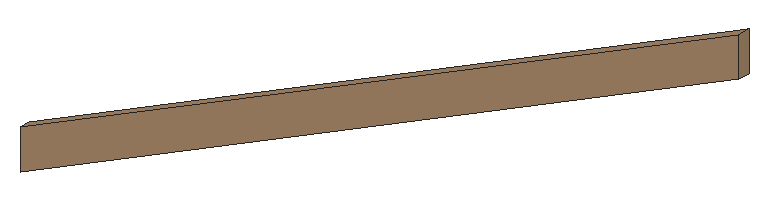
Revit family "EFRafter", category Structural Framing, Revit 2020
Family settings
  Section Shape = Not Defined
  Material for Model Behavior = Other
  Always export as geometry = No
  OmniClass Number = 23.25.30.21.14
  OmniClass Title = Trussed Beams and Joists
  Work Plane-Based = No
  Always vertical = Yes
  Cut with Voids When Loaded = No
  Symbolic Representation = From Family
  Shared = No
  Show family pre-cut in plan views = Yes
Parameters
  b = 50 mm
  Structural Material [instance] = Cherry
  Span [instance] = 3000 mm
  Slope [instance] = 25.00°
  d = 150 mm
Reference planes
  plane 1 "Center (Front/Back)": y = 0
  plane 2: z = 0
  plane 3 "Center (Left/Right)": x = 0
  plane 4: x = 1500
  plane 5: x = -1500
Forms (mm)
  Extrusion 1, solid, material "Cherry"
    sketch origin (0, 0, 0) x (1, 0, 0) y (0, 0, 1)
      loop
        line (-1500, -699.461) -> (-1500, -864.968) -> (1500, 533.955) -> (1500, 699.461) -> (-1500, -699.461)
    from -25 to 25
Lines and regions (mm)
  reference lines
    curve 1: line (0, 0, 0) -> (888.182, 0, 414.166)
    curve 2: line (155.563, 0, -92.966) -> (1043.745, 0, 321.2)
    curve 3: line (0, 25, 1265.697) -> (0, 25, -1134.303)
    curve 4: line (0, -25, 1265.697) -> (0, -25, -1134.303)
Dimensions and locks
  equal spacing: plane 5, plane 3 "Center (Left/Right)", plane 4
  "Span": plane 5 to plane 4
  "d": curve 1 to curve 2
  equal spacing: curve 3, plane 1 "Center (Front/Back)", curve 4
  "b": curve 3 to curve 4
  "Slope": angle curve 1 to level
  aligned and locked: plane 2 to level
  aligned and locked: Extrusion 1 sketch curve to curve 1
  aligned and locked: Extrusion 1 sketch curve to curve 2
  aligned and locked: plane 4 to Extrusion 1 sketch curve
  aligned and locked: plane 5 to Extrusion 1 sketch curve
  aligned and locked: curve 3 to Extrusion 1
  aligned and locked: Extrusion 1 to curve 4
Automatic sketch dimensions
  plane 3 "Center (Left/Right)" to curve 2 = 155.563 mm
  curve 1 to curve 2 = 155.563 mm
  curve 1 to plane 3 "Center (Left/Right)" = 0 mm
  curve 1 to level = 0 mm
  curve 3 to level = 1134.303 mm
  curve 4 to curve 3 = 0 mm  (x2)
  level to curve 4 = 1265.697 mm
